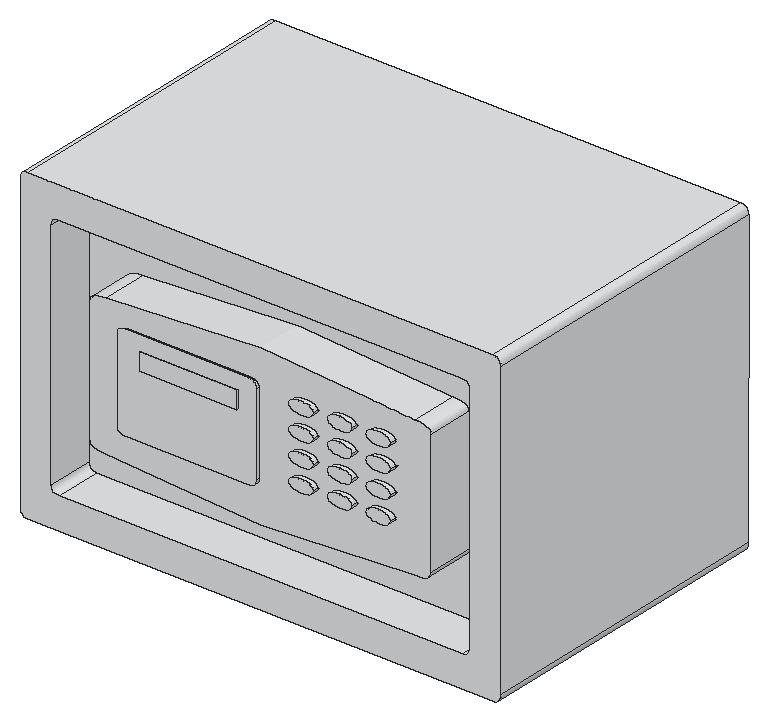
Revit family "revit_DEHS0009", category Generic Models, Revit 2017
Family settings
  Can host rebar = No
  Round Connector Dimension = Use Diameter
  Part Type = Normal
  Work Plane-Based = No
  Always vertical = Yes
  Cut with Voids When Loaded = No
  Shared = No
  Room Calculation Point = No
Parameters
  Website = "https://dolphy.in/"  # constant formula
  Contact number = "+91 9520202035"  # constant formula
  Contact email = "info@dolphy.in"  # constant formula
  Company name = "Dolphy India"  # constant formula
Reference planes
  plane 1 "Center (Front/Back)": y = 0
  plane 2: z = 0
  plane 3 "Center (Left/Right)": x = 0
Forms (mm)
  Extrusion 1, solid, material "Dolphy_WHITE"
    sketch origin (0, 0, 0) x (1, 0, 0) y (0, 0, 1)
      loop
        spline (-150, 200) -> (-150.799, 199.965) -> (-151.528, 199.861) -> (-152.187, 199.688) -> (-152.778, 199.444) -> (-153.299, 199.132) -> (-153.75, 198.75) -> (-154.132, 198.299) -> (-154.444, 197.778) -> (-154.688, 197.188) -> (-154.861, 196.528) -> (-154.965, 195.799) -> (-155, 195)
        line (-155, 195) -> (-155, 5)
        spline (-155, 5) -> (-154.965, 4.201) -> (-154.861, 3.472) -> (-154.688, 2.813) -> (-154.444, 2.222) -> (-154.132, 1.701) -> (-153.75, 1.25) -> (-153.299, 0.868) -> (-152.778, 0.556) -> (-152.188, 0.313) -> (-151.528, 0.139) -> (-150.799, 0.035) -> (-150, 0)
        line (-150, 0) -> (150, 0)
        spline (150, 0) -> (150.799, 0.035) -> (151.528, 0.139) -> (152.187, 0.313) -> (152.778, 0.556) -> (153.299, 0.868) -> (153.75, 1.25) -> (154.132, 1.701) -> (154.444, 2.222) -> (154.687, 2.813) -> (154.861, 3.472) -> (154.965, 4.201) -> (155, 5)
        line (155, 5) -> (155, 195)
        spline (155, 195) -> (154.965, 195.799) -> (154.861, 196.528) -> (154.688, 197.188) -> (154.444, 197.778) -> (154.132, 198.299) -> (153.75, 198.75) -> (153.299, 199.132) -> (152.778, 199.444) -> (152.188, 199.688) -> (151.528, 199.861) -> (150.799, 199.965) -> (150, 200)
        line (150, 200) -> (-150, 200)
    from 0 to 200
  Extrusion 2, void
    sketch origin (0, 0, 0) x (1, 0, 0) y (0, 0, 1)
      loop
        spline (-130, 180) -> (-130.799, 179.965) -> (-131.528, 179.861) -> (-132.188, 179.688) -> (-132.778, 179.444) -> (-133.299, 179.132) -> (-133.75, 178.75) -> (-134.132, 178.299) -> (-134.444, 177.778) -> (-134.688, 177.188) -> (-134.861, 176.528) -> (-134.965, 175.799) -> (-135, 175)
        line (-135, 175) -> (-135, 25)
        spline (-135, 25) -> (-134.965, 24.201) -> (-134.861, 23.472) -> (-134.688, 22.813) -> (-134.444, 22.222) -> (-134.132, 21.701) -> (-133.75, 21.25) -> (-133.299, 20.868) -> (-132.778, 20.556) -> (-132.188, 20.313) -> (-131.528, 20.139) -> (-130.799, 20.035) -> (-130, 20)
        line (-130, 20) -> (130, 20)
        spline (130, 20) -> (130.799, 20.035) -> (131.528, 20.139) -> (132.187, 20.313) -> (132.778, 20.556) -> (133.299, 20.868) -> (133.75, 21.25) -> (134.132, 21.701) -> (134.444, 22.222) -> (134.687, 22.813) -> (134.861, 23.472) -> (134.965, 24.201) -> (135, 25)
        line (135, 25) -> (135, 175)
        spline (135, 175) -> (134.965, 175.799) -> (134.861, 176.528) -> (134.688, 177.188) -> (134.444, 177.778) -> (134.132, 178.299) -> (133.75, 178.75) -> (133.299, 179.132) -> (132.778, 179.444) -> (132.188, 179.688) -> (131.528, 179.861) -> (130.799, 179.965) -> (130, 180)
        line (130, 180) -> (-130, 180)
    from 169.614 to 200
  Extrusion 3, solid, material "Dolphy_WHITE"
    sketch origin (0, 0, 0) x (1, 0, 0) y (0, 0, 1)
      loop
        spline (100, 145) -> (83.333, 146.876) -> (66.667, 148.411) -> (50, 149.604) -> (33.333, 150.457) -> (16.667, 150.969) -> (0, 151.139) -> (-16.667, 150.969) -> (-33.333, 150.457) -> (-50, 149.604) -> (-66.667, 148.411) -> (-83.333, 146.876) -> (-100, 145)
        spline (-100, 145) -> (-101.597, 144.965) -> (-103.056, 144.861) -> (-104.375, 144.688) -> (-105.556, 144.444) -> (-106.597, 144.132) -> (-107.5, 143.75) -> (-108.264, 143.299) -> (-108.889, 142.778) -> (-109.375, 142.188) -> (-109.722, 141.528) -> (-109.931, 140.799) -> (-110, 140)
        line (-110, 140) -> (-110, 60)
        spline (-110, 60) -> (-109.931, 59.201) -> (-109.722, 58.472) -> (-109.375, 57.813) -> (-108.889, 57.222) -> (-108.264, 56.701) -> (-107.5, 56.25) -> (-106.597, 55.868) -> (-105.556, 55.556) -> (-104.375, 55.313) -> (-103.056, 55.139) -> (-101.597, 55.035) -> (-100, 55)
        spline (-100, 55) -> (-83.333, 53.124) -> (-66.667, 51.589) -> (-50, 50.396) -> (-33.333, 49.543) -> (-16.667, 49.031) -> (0, 48.861) -> (16.667, 49.031) -> (33.333, 49.543) -> (50, 50.396) -> (66.667, 51.589) -> (83.333, 53.124) -> (100, 55)
        spline (100, 55) -> (101.597, 55.035) -> (103.056, 55.139) -> (104.375, 55.313) -> (105.556, 55.556) -> (106.597, 55.868) -> (107.5, 56.25) -> (108.264, 56.701) -> (108.889, 57.222) -> (109.375, 57.813) -> (109.722, 58.472) -> (109.931, 59.201) -> (110, 60)
        line (110, 60) -> (110, 140)
        spline (110, 140) -> (109.931, 140.799) -> (109.722, 141.528) -> (109.375, 142.188) -> (108.889, 142.778) -> (108.264, 143.299) -> (107.5, 143.75) -> (106.597, 144.132) -> (105.556, 144.444) -> (104.375, 144.688) -> (103.056, 144.861) -> (101.597, 144.965) -> (100, 145)
    from 53.118 to 200
  Extrusion 4, solid, material "Dolphy_WHITE"
    sketch origin (0, 0, 0) x (1, 0, 0) y (0, 0, 1)
      loop
        line (-91.194, 128.189) -> (-91.194, 75.231)
        spline (-91.194, 75.231) -> (-91.149, 74.516) -> (-91.012, 73.864) -> (-90.785, 73.273) -> (-90.467, 72.745) -> (-90.058, 72.279) -> (-89.559, 71.875) -> (-88.968, 71.534) -> (-88.287, 71.254) -> (-87.515, 71.037) -> (-86.651, 70.881) -> (-85.698, 70.788) -> (-84.653, 70.757)
        line (-84.653, 70.757) -> (-7.735, 70.757)
        spline (-7.735, 70.757) -> (-6.691, 70.788) -> (-5.737, 70.881) -> (-4.874, 71.037) -> (-4.101, 71.254) -> (-3.42, 71.534) -> (-2.829, 71.875) -> (-2.33, 72.279) -> (-1.921, 72.745) -> (-1.603, 73.273) -> (-1.376, 73.864) -> (-1.24, 74.516) -> (-1.194, 75.231)
        line (-1.194, 75.231) -> (-1.194, 128.189)
        spline (-1.194, 128.189) -> (-1.24, 128.903) -> (-1.376, 129.556) -> (-1.603, 130.146) -> (-1.921, 130.674) -> (-2.33, 131.14) -> (-2.829, 131.544) -> (-3.42, 131.886) -> (-4.101, 132.166) -> (-4.874, 132.383) -> (-5.737, 132.538) -> (-6.691, 132.632) -> (-7.735, 132.663)
        line (-7.735, 132.663) -> (-84.653, 132.663)
        spline (-84.653, 132.663) -> (-85.698, 132.632) -> (-86.651, 132.538) -> (-87.515, 132.383) -> (-88.287, 132.166) -> (-88.968, 131.886) -> (-89.559, 131.544) -> (-90.058, 131.14) -> (-90.467, 130.674) -> (-90.785, 130.146) -> (-91.012, 129.556) -> (-91.149, 128.903) -> (-91.194, 128.189)
    from 94.108 to 201.425
  Extrusion 5, solid, material "Dolphy_WHITE"
    sketch origin (0, 0, 0) x (1, 0, 0) y (0, 0, 1)
      loop
        line (-76.303, 123.224) -> (-76.303, 112.017) -> (-13.466, 112.017) -> (-13.466, 123.224) -> (-76.303, 123.224)
    from 113.73 to 202.145
  Extrusion 6, solid, material "Dolphy_WHITE"
    sketch origin (0, 0, 0) x (1, 0, 0) y (0, 0, 1)
      loop
        spline (36.969, 128.253) -> (36.476, 129.567) -> (35.566, 130.574) -> (34.315, 131.307) -> (32.795, 131.797) -> (31.083, 132.077) -> (29.251, 132.177) -> (27.379, 132.117) -> (25.566, 131.871) -> (23.916, 131.399) -> (22.53, 130.664) -> (21.514, 129.628) -> (20.969, 128.253)
        spline (20.969, 128.253) -> (21.514, 126.879) -> (22.53, 125.843) -> (23.916, 125.108) -> (25.566, 124.636) -> (27.379, 124.39) -> (29.251, 124.33) -> (31.083, 124.43) -> (32.795, 124.71) -> (34.315, 125.2) -> (35.566, 125.933) -> (36.476, 126.94) -> (36.969, 128.253)
    from 191.988 to 203.395
  Extrusion 7, solid, material "Dolphy_WHITE"
    sketch origin (25, 0, 0) x (1, 0, 0) y (0, 0, 1)
      loop
        spline (36.969, 128.253) -> (36.476, 129.567) -> (35.566, 130.574) -> (34.315, 131.307) -> (32.795, 131.797) -> (31.083, 132.077) -> (29.251, 132.177) -> (27.379, 132.117) -> (25.566, 131.871) -> (23.916, 131.399) -> (22.53, 130.664) -> (21.514, 129.628) -> (20.969, 128.253)
        spline (20.969, 128.253) -> (21.514, 126.879) -> (22.53, 125.843) -> (23.916, 125.108) -> (25.566, 124.636) -> (27.379, 124.39) -> (29.251, 124.33) -> (31.083, 124.43) -> (32.795, 124.71) -> (34.315, 125.2) -> (35.566, 125.933) -> (36.476, 126.94) -> (36.969, 128.253)
    from 191.988 to 203.395
  Extrusion 8, solid, material "Dolphy_WHITE"
    sketch origin (50, 0, 0) x (1, 0, 0) y (0, 0, 1)
      loop
        spline (36.969, 128.253) -> (36.476, 129.567) -> (35.566, 130.574) -> (34.315, 131.307) -> (32.795, 131.797) -> (31.083, 132.077) -> (29.251, 132.177) -> (27.379, 132.117) -> (25.566, 131.871) -> (23.916, 131.399) -> (22.53, 130.664) -> (21.514, 129.628) -> (20.969, 128.253)
        spline (20.969, 128.253) -> (21.514, 126.879) -> (22.53, 125.843) -> (23.916, 125.108) -> (25.566, 124.636) -> (27.379, 124.39) -> (29.251, 124.33) -> (31.083, 124.43) -> (32.795, 124.71) -> (34.315, 125.2) -> (35.566, 125.933) -> (36.476, 126.94) -> (36.969, 128.253)
    from 191.988 to 203.395
  Extrusion 9, solid, material "Dolphy_WHITE"
    sketch origin (0, 0, -15) x (1, 0, 0) y (0, 0, 1)
      loop
        spline (36.969, 128.253) -> (36.476, 129.567) -> (35.566, 130.574) -> (34.315, 131.307) -> (32.795, 131.797) -> (31.083, 132.077) -> (29.251, 132.177) -> (27.379, 132.117) -> (25.566, 131.871) -> (23.916, 131.399) -> (22.53, 130.664) -> (21.514, 129.628) -> (20.969, 128.253)
        spline (20.969, 128.253) -> (21.514, 126.879) -> (22.53, 125.843) -> (23.916, 125.108) -> (25.566, 124.636) -> (27.379, 124.39) -> (29.251, 124.33) -> (31.083, 124.43) -> (32.795, 124.71) -> (34.315, 125.2) -> (35.566, 125.933) -> (36.476, 126.94) -> (36.969, 128.253)
    from 191.988 to 203.395
  Extrusion 10, solid, material "Dolphy_WHITE"
    sketch origin (25, 0, -15) x (1, 0, 0) y (0, 0, 1)
      loop
        spline (36.969, 128.253) -> (36.476, 129.567) -> (35.566, 130.574) -> (34.315, 131.307) -> (32.795, 131.797) -> (31.083, 132.077) -> (29.251, 132.177) -> (27.379, 132.117) -> (25.566, 131.871) -> (23.916, 131.399) -> (22.53, 130.664) -> (21.514, 129.628) -> (20.969, 128.253)
        spline (20.969, 128.253) -> (21.514, 126.879) -> (22.53, 125.843) -> (23.916, 125.108) -> (25.566, 124.636) -> (27.379, 124.39) -> (29.251, 124.33) -> (31.083, 124.43) -> (32.795, 124.71) -> (34.315, 125.2) -> (35.566, 125.933) -> (36.476, 126.94) -> (36.969, 128.253)
    from 191.988 to 203.395
  Extrusion 11, solid, material "Dolphy_WHITE"
    sketch origin (50, 0, -15) x (1, 0, 0) y (0, 0, 1)
      loop
        spline (36.969, 128.253) -> (36.476, 129.567) -> (35.566, 130.574) -> (34.315, 131.307) -> (32.795, 131.797) -> (31.083, 132.077) -> (29.251, 132.177) -> (27.379, 132.117) -> (25.566, 131.871) -> (23.916, 131.399) -> (22.53, 130.664) -> (21.514, 129.628) -> (20.969, 128.253)
        spline (20.969, 128.253) -> (21.514, 126.879) -> (22.53, 125.843) -> (23.916, 125.108) -> (25.566, 124.636) -> (27.379, 124.39) -> (29.251, 124.33) -> (31.083, 124.43) -> (32.795, 124.71) -> (34.315, 125.2) -> (35.566, 125.933) -> (36.476, 126.94) -> (36.969, 128.253)
    from 191.988 to 203.395
  Extrusion 12, solid, material "Dolphy_WHITE"
    sketch origin (0, 0, -30) x (1, 0, 0) y (0, 0, 1)
      loop
        spline (36.969, 128.253) -> (36.476, 129.567) -> (35.566, 130.574) -> (34.315, 131.307) -> (32.795, 131.797) -> (31.083, 132.077) -> (29.251, 132.177) -> (27.379, 132.117) -> (25.566, 131.871) -> (23.916, 131.399) -> (22.53, 130.664) -> (21.514, 129.628) -> (20.969, 128.253)
        spline (20.969, 128.253) -> (21.514, 126.879) -> (22.53, 125.843) -> (23.916, 125.108) -> (25.566, 124.636) -> (27.379, 124.39) -> (29.251, 124.33) -> (31.083, 124.43) -> (32.795, 124.71) -> (34.315, 125.2) -> (35.566, 125.933) -> (36.476, 126.94) -> (36.969, 128.253)
    from 191.988 to 203.395
  Extrusion 13, solid, material "Dolphy_WHITE"
    sketch origin (25, 0, -30) x (1, 0, 0) y (0, 0, 1)
      loop
        spline (36.969, 128.253) -> (36.476, 129.567) -> (35.566, 130.574) -> (34.315, 131.307) -> (32.795, 131.797) -> (31.083, 132.077) -> (29.251, 132.177) -> (27.379, 132.117) -> (25.566, 131.871) -> (23.916, 131.399) -> (22.53, 130.664) -> (21.514, 129.628) -> (20.969, 128.253)
        spline (20.969, 128.253) -> (21.514, 126.879) -> (22.53, 125.843) -> (23.916, 125.108) -> (25.566, 124.636) -> (27.379, 124.39) -> (29.251, 124.33) -> (31.083, 124.43) -> (32.795, 124.71) -> (34.315, 125.2) -> (35.566, 125.933) -> (36.476, 126.94) -> (36.969, 128.253)
    from 191.988 to 203.395
  Extrusion 14, solid, material "Dolphy_WHITE"
    sketch origin (50, 0, -30) x (1, 0, 0) y (0, 0, 1)
      loop
        spline (36.969, 128.253) -> (36.476, 129.567) -> (35.566, 130.574) -> (34.315, 131.307) -> (32.795, 131.797) -> (31.083, 132.077) -> (29.251, 132.177) -> (27.379, 132.117) -> (25.566, 131.871) -> (23.916, 131.399) -> (22.53, 130.664) -> (21.514, 129.628) -> (20.969, 128.253)
        spline (20.969, 128.253) -> (21.514, 126.879) -> (22.53, 125.843) -> (23.916, 125.108) -> (25.566, 124.636) -> (27.379, 124.39) -> (29.251, 124.33) -> (31.083, 124.43) -> (32.795, 124.71) -> (34.315, 125.2) -> (35.566, 125.933) -> (36.476, 126.94) -> (36.969, 128.253)
    from 191.988 to 203.395
  Extrusion 15, solid, material "Dolphy_WHITE"
    sketch origin (0, 0, -45) x (1, 0, 0) y (0, 0, 1)
      loop
        spline (36.969, 128.253) -> (36.476, 129.567) -> (35.566, 130.574) -> (34.315, 131.307) -> (32.795, 131.797) -> (31.083, 132.077) -> (29.251, 132.177) -> (27.379, 132.117) -> (25.566, 131.871) -> (23.916, 131.399) -> (22.53, 130.664) -> (21.514, 129.628) -> (20.969, 128.253)
        spline (20.969, 128.253) -> (21.514, 126.879) -> (22.53, 125.843) -> (23.916, 125.108) -> (25.566, 124.636) -> (27.379, 124.39) -> (29.251, 124.33) -> (31.083, 124.43) -> (32.795, 124.71) -> (34.315, 125.2) -> (35.566, 125.933) -> (36.476, 126.94) -> (36.969, 128.253)
    from 191.988 to 203.395
  Extrusion 16, solid, material "Dolphy_WHITE"
    sketch origin (25, 0, -45) x (1, 0, 0) y (0, 0, 1)
      loop
        spline (36.969, 128.253) -> (36.476, 129.567) -> (35.566, 130.574) -> (34.315, 131.307) -> (32.795, 131.797) -> (31.083, 132.077) -> (29.251, 132.177) -> (27.379, 132.117) -> (25.566, 131.871) -> (23.916, 131.399) -> (22.53, 130.664) -> (21.514, 129.628) -> (20.969, 128.253)
        spline (20.969, 128.253) -> (21.514, 126.879) -> (22.53, 125.843) -> (23.916, 125.108) -> (25.566, 124.636) -> (27.379, 124.39) -> (29.251, 124.33) -> (31.083, 124.43) -> (32.795, 124.71) -> (34.315, 125.2) -> (35.566, 125.933) -> (36.476, 126.94) -> (36.969, 128.253)
    from 191.988 to 203.395
  Extrusion 17, solid, material "Dolphy_WHITE"
    sketch origin (50, 0, -45) x (1, 0, 0) y (0, 0, 1)
      loop
        spline (36.969, 128.253) -> (36.476, 129.567) -> (35.566, 130.574) -> (34.315, 131.307) -> (32.795, 131.797) -> (31.083, 132.077) -> (29.251, 132.177) -> (27.379, 132.117) -> (25.566, 131.871) -> (23.916, 131.399) -> (22.53, 130.664) -> (21.514, 129.628) -> (20.969, 128.253)
        spline (20.969, 128.253) -> (21.514, 126.879) -> (22.53, 125.843) -> (23.916, 125.108) -> (25.566, 124.636) -> (27.379, 124.39) -> (29.251, 124.33) -> (31.083, 124.43) -> (32.795, 124.71) -> (34.315, 125.2) -> (35.566, 125.933) -> (36.476, 126.94) -> (36.969, 128.253)
    from 191.988 to 203.395
Cuts and joins
  Extrusion 2 cuts Extrusion 1
Dimensions and locks
  cut or joined group of Extrusion 1, Extrusion 2 to cut or joined group of Extrusion 1, Extrusion 2 = 200 mm  (x3)
  cut or joined group of Extrusion 1, Extrusion 2 to cut or joined group of Extrusion 1, Extrusion 2 = 310 mm
  aligned and locked: level to plane 2
